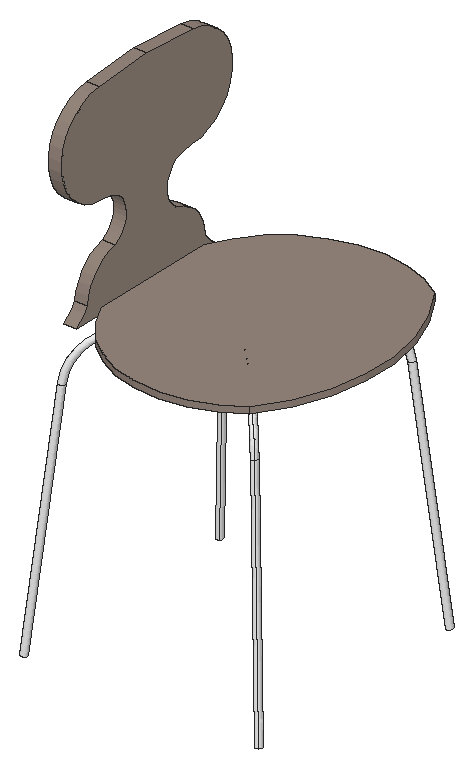
Revit family "Chair 1", category Furniture, Revit 2025
Family settings
  Work Plane-Based = No
  Enable Cutting in Views = No
  Always vertical = Yes
  Cut with Voids When Loaded = No
  Render Appearance Source = Family Geometry
  Shared = No
  Room Calculation Point = No
Parameters
  __Temp [instance] = 0 mm
  Keynote = "12600"
  Manufacturer = ""
  Default Elevation = 0 mm
  Bracket Material = Herman Miller - Finish 47 Trivalent Chrome
  Model = ""
  Cushion/Chair Back Material = Herman Miller - Veneer Z5 Maple
  BG_DIM_Width2 [instance] = 0 mm
  BG_DIM_Depth1 [instance] = 0 mm
Reference planes
  plane 1 "Center F/B": y = -198.997
  plane 2: z = 0
  plane 3 "Center L/R": x = -1.022
Forms (mm)
  Sweep 1, solid, material "Herman Miller - Finish 47 Trivalent Chrome" <- "Bracket Material"
    path origin (61.052, -65.204, 45) x (0, 0, -1) y (0.707107, -0.707107, 0)
      loop
        line (45, -82.843) -> (-332.364, -36.508)
        arc (-332.364, -36.508) -> (-382.531, -10.114) -> (-402.615, 42.895) r 80
        line (-402.615, 42.895) -> (-402.615, 181.322)
    profile origin (18.855, -23.007, 188.682) x (-0.701836, 0.701836, 0.121869) y (-0.707107, -0.707107, 0)
      loop
        circle (0, 0) r 5
  Sweep 2, solid, material "Herman Miller - Finish 47 Trivalent Chrome" <- "Bracket Material"
    path origin (57.516, -325.168, 45) x (0, 0, -1) y (0.707107, 0.707107, 0)
      loop
        line (45, -82.843) -> (-332.364, -36.508)
        arc (-332.364, -36.508) -> (-382.531, -10.114) -> (-402.615, 42.895) r 80
        line (-402.615, 42.895) -> (-402.615, 181.322)
    profile origin (15.319, -367.364, 188.682) x (-0.701836, -0.701836, 0.121869) y (0.707107, -0.707107, 0)
      loop
        circle (0, 0) r 5
  Sweep 3, solid, material "Herman Miller - Finish 47 Trivalent Chrome" <- "Bracket Material"
    path origin (303.338, -65.204, 45) x (0, 0, -1) y (0.707107, 0.707107, 0)
      loop
        line (45, 82.843) -> (-332.364, 36.508)
        arc (-332.364, 36.508) -> (-382.531, 10.114) -> (-402.615, -42.895) r 80
        line (-402.615, -42.895) -> (-402.615, -181.322)
    profile origin (345.535, -23.007, 188.682) x (0.701836, 0.701836, 0.121869) y (-0.707107, 0.707107, 0)
      loop
        circle (0, 0) r 5
  Sweep 4, solid, material "Herman Miller - Finish 47 Trivalent Chrome" <- "Bracket Material"
    path origin (306.873, -325.168, 45) x (0, 0, -1) y (0.707107, -0.707107, 0)
      loop
        line (45, 82.843) -> (-332.364, 36.508)
        arc (-332.364, 36.508) -> (-382.531, 10.114) -> (-402.615, -42.895) r 80
        line (-402.615, -42.895) -> (-402.615, -181.322)
    profile origin (349.07, -367.364, 188.682) x (0.701836, -0.701836, 0.121869) y (0.707107, 0.707107, 0)
      loop
        circle (0, 0) r 5
  Extrusion 5, solid, material "Herman Miller - Veneer Z5 Maple" <- "Cushion/Chair Back Material"
    sketch origin (0, 0, 0) x (1, 0, 0) y (0, 1, 0)
      loop
        arc (340, -9.099) -> (152.776, 17.913) -> (32.728, -128.274) r 192.616
        line (32.728, -128.274) -> (32.728, -249.923)
        arc (32.728, -249.923) -> (152.776, -396.11) -> (340, -369.099) r 192.616
        arc (340, -369.099) -> (400.673, -189.099) -> (340, -9.099) r 297.34
    from 450 to 460
  Extrusion 6, solid, material "Herman Miller - Veneer Z5 Maple" <- "Cushion/Chair Back Material"
    sketch origin (390, -409.099, -27.081) x (0, 0, -1) y (0, 1, 0)
      loop
        arc (-498.809, 95.839) -> (-486.21, 86.065) -> (-477.081, 72.99) r 53.087
        line (-477.081, 72.99) -> (-477.081, 347.212)
        arc (-477.081, 347.212) -> (-486.21, 334.138) -> (-498.809, 324.364) r 53.087
        arc (-498.809, 324.364) -> (-539.073, 308.301) -> (-561.143, 270.989) r 67.175
        arc (-561.143, 270.989) -> (-601.737, 249.17) -> (-634.197, 281.887) r 38.521
        line (-634.197, 281.887) -> (-636.604, 298.938)
        arc (-636.604, 298.938) -> (-714.694, 376.726) -> (-796.127, 302.444) r 79.872
        line (-796.127, 302.444) -> (-802.584, 210.101) -> (-796.127, 117.759)
        arc (-796.127, 117.759) -> (-714.694, 43.477) -> (-636.604, 121.265) r 79.872
        line (-636.604, 121.265) -> (-634.197, 138.316)
        arc (-634.197, 138.316) -> (-601.737, 171.033) -> (-561.143, 149.213) r 38.521
        arc (-561.143, 149.213) -> (-539.073, 111.901) -> (-498.809, 95.839) r 67.175
    from -367.272 to -347.272
Dimensions and locks
  aligned and locked: plane 1 "Center F/B" to Extrusion 6
